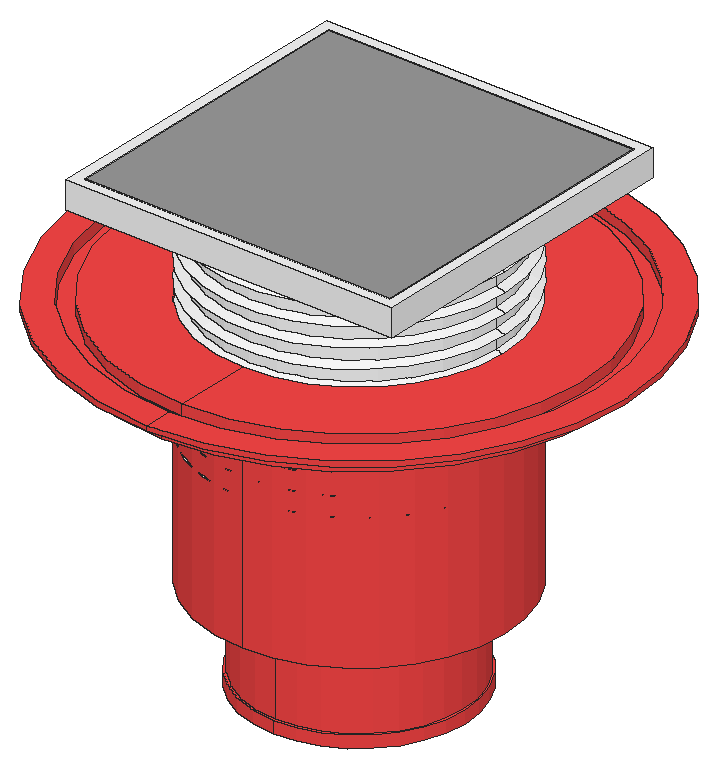
Revit family "HL Трап для внутренних помещенийHL310Prblue-SML", category Сантехнические приборы, Revit 2025
Family settings
  Размер круглого соединителя = Использовать диаметр
  Тип детали = Нормальный
  Номер OmniClass = 23.70.50.21.24.14
  Заголовок OmniClass = Deck Waste Water Drains
  На основе рабочей плоскости = Нет
  Отображать на видах в сечении = Нет
  Всегда вертикально = Да
  При загрузке вырезать с полостями = Нет
  Сохранять ориентацию аннотаций = Нет
  Общий = Да
  Точка принадлежности помещению = Да
Parameters (values of type "HL310KSML_50")
  РЕШЁТКА = "115 x 115 mm / V2A"
  РАЗМЕР = "DN50/75/110"
  ПРОПУСКНАЯ СПОСОБНОСТЬ = 0.67 L/s
  ПРОИЗВОДИТЕЛЬНОСТЬ = "0,67 l/s"
  ПРАВОВАЯ ИНФОРМАЦИЯ = "Авторские права(©), права на дизайн или какие либо другие права интелектуальной собственности являются исключительной собственностью компании HL Hutterer & Lechner. Изменению не подлежит. Файл семейства с данными о прозводителе изделия защищен паролем с водяным знаком."  # constant formula
  Нормы = "EN 1253-1"
  НОМИНАЛЬНЫЙ ДИАМЕТР [instance] = 50 mm
  НАСАДКА = "12-70 mm / 123 x 123 mm / PP"
  МАТЕРИАЛ = "PP, V2A"
  МАКСИМАЛЬНАЯ НАГРУЗКА КЛАССА = "K3 - 300 kg"
  ВЫСОТА МОНТАЖА = "163 mm"
  ВЕС = "0,72 [kg]"
  EAN = "9003076004638"
  Отметка по умолчанию = 0 mm
  Подключение к вентиляции = no
  Изготовитель = "HL Hutterer & Lechner GmbH"  # constant formula
  URL = "http://www.hutterer-lechner.com/ru/Products/catalog/floor-drains/attachments/HL310N.aspx"
  Подключение к сливной трубе = yes
  Подключение к горячей воде = no
  Описание = "Трап для внутренних помещений"
  Model = "HL310KSML_50"
  Комментарии к типоразмеру = "Корпус трапа для внутренних помещений DN50/75/110 вертикальный"
  Keynote = "HL310KSML_50"
  Высота монтажа [instance] = 136 mm
  DN_Test [instance] = if(or(НОМИНАЛЬНЫЙ ДИАМЕТР = 50 mm, НОМИНАЛЬНЫЙ ДИАМЕТР = 75 mm, НОМИНАЛЬНЫЙ ДИАМЕТР = 110 mm), 30 mm, 0 mm)  # 30 mm
  Подключение к холодной воде = no
  B [instance] = if(НОМИНАЛЬНЫЙ ДИАМЕТР = 110 mm, Высота монтажа - 41 mm, if(НОМИНАЛЬНЫЙ ДИАМЕТР = 75 mm, Высота монтажа - 5.5 mm, Высота монтажа))  # 136 mm
  A [instance] = if(B - 100 mm > 15 mm, B - 100 mm, 15 mm)  # 36 mm
Reference planes
  plane 1 "Center (Front/Back)": y = 0
  plane 2: z = 0
  plane 3 "Center (Left/Right)": x = 0
  plane 4 "Ball Joint Vertical": x = 25.45
  plane 5: z = -136
  plane 6: z = -136
Lines and regions (mm)
  model lines, style "InvisibleLines"
    curve 1: line (0, 0, 0) -> (0, 0, 975)
  reference lines
    curve 2: line (0, 0, -131.004) -> (0, 0, -136.004)
  model lines, detail levels coarse+medium
    curve 3: line (0, 0, -136) -> (0, 0, -100)
    curve 4: line (0, 0, -100) -> (100, 0, 0)
    curve 5: line (0, 0, -100) -> (-100, 0, 0)
  symbolic lines, style "InvisibleLines", not visible
    curve 6: line (0, 0, 0) -> (0, 0, -30)
  symbolic lines, detail levels coarse+medium
    curve 7: line (-75, 75, 0) -> (75, 75, 0)
    curve 8: line (-75, -75, 0) -> (-75, 75, 0)
    curve 9: line (75, -75, 0) -> (-75, -75, 0)
    curve 10: line (75, 75, 0) -> (75, -75, 0)
    curve 11: line (75, 75, 0) -> (145.711, 145.711, 0)
    curve 12: line (-75, 75, 0) -> (-145.711, 145.711, 0)
    curve 13: line (75, -75, 0) -> (145.711, -145.711, 0)
    curve 14: line (-75, -75, 0) -> (-145.711, -145.711, 0)
  symbolic lines, not visible, detail levels coarse+medium
    curve 15: line (97.767, 268.748, 0) -> (247.767, 268.748, 0)
    curve 16: line (97.767, 118.748, 0) -> (97.767, 268.748, 0)
    curve 17: line (247.767, 118.748, 0) -> (97.767, 118.748, 0)
    curve 18: line (247.767, 268.748, 0) -> (247.767, 118.748, 0)
    curve 19: line (247.767, 268.748, 0) -> (318.478, 339.459, 0)
    curve 20: line (97.767, 268.748, 0) -> (27.057, 339.459, 0)
    curve 21: line (247.767, 118.748, 0) -> (318.478, 48.037, 0)
    curve 22: line (97.767, 118.748, 0) -> (27.057, 48.037, 0)
Text (mm)
  text "FLOOR" at (-218.559, 0, -14.206), in view "вид строительства"
Dimensions and locks
  locked: plane 4 "Ball Joint Vertical" to plane 3 "Center (Left/Right)" at 25.45
  "Высота монтажа": plane 2 to plane 5
  "A": curve 5 to plane 6
  "B": curve 5 to plane 6
  "B": curve 4 to plane 6
  "B": plane 2 to plane 6
  "DN_Test": plane 2 to curve 6
  plane 2 to nested 1 = 92.986 mm
  locked: curve 4 to plane 3 "Center (Left/Right)" (angle 45.00°)
  locked: plane 3 "Center (Left/Right)" to curve 5 (angle 45.00°)
  aligned and locked: level to plane 2
  aligned and locked: plane 2 to curve 1
  aligned and locked: plane 3 "Center (Left/Right)" to curve 1
  aligned and locked: plane 3 "Center (Left/Right)" to curve 2
  aligned and locked: plane 3 "Center (Left/Right)" to curve 3
  aligned and locked: plane 3 "Center (Left/Right)" to curve 5
  aligned and locked: plane 6 to curve 3
  aligned and locked: plane 5 to nested 1
Automatic sketch dimensions
  curve 2 to plane 6 = 0.004 mm
  plane 6 to curve 2 = 4.996 mm
  level to curve 1 = 975 mm
Nested families
  nested 1: "HL-Корпус для трапа внутренних помещений-HL310KSML-50" at (0, 0, -0.017), type "HL310KSML-50"
  nested 2: "HL-Вкладыш сифона-HL0510-12E" at (0, 0, 34.304), type "HL0510.12E"
  nested 3: "HL_Насадка_HL037N.2E" at (0, 0, 44.304), type "HL037N.2E"
    with Высота монтажа 70 mm, RN 11, RL 71.5 mm, R yes, NL_Test yes, NL 90 mm
  nested 4: "HL_Решётка_HL037Pr.1E" at (0, 0, 44.304), type "HL037Pr.1E"
Connectors
  piping at (0, 0, -136.004), diameter 50, driven by "ПРОПУСКНАЯ СПОСОБНОСТЬ", driven by "НОМИНАЛЬНЫЙ ДИАМЕТР"
    settings: on curve 2, index 1, connector inside diameter 609.6 mm, connector length 0 mm, flow factor 0, pipe flow 0.67 L/s, pressure drop 0.0 Pa, fitting loss kfactor 0, connector angle 0.00°, fixture units 0, engagement length 0 mm, angle of deflection 0.00°, flow configuration 1, flow direction 2, fitting loss method 0, system type 16, joint type 0, gender type 0, connector reference index -1, connector utility 0, adjustable connector no, is connector primary yes, connector description ""
Definition of nested family "HL-Корпус для трапа внутренних помещений-HL310KSML-50"
  Parameters (values of type "HL310KSML-50")
    РАЗМЕР = "d50"
    ПРОИЗВОДИТЕЛЬНОСТЬ = ">0,5 l/s"
    ПРАВОВАЯ ИНФОРМАЦИЯ = "Авторские права(©), права на дизайн или какие либо другие права интелектуальной собственности являются исключительной собственностью компании HL Hutterer & Lechner. Изменению не подлежит. Файл семейства с данными о прозводителе изделия защищен паролем с водяным знаком."  # constant formula
    Нормы = "EN 1253"
    МАТЕРИАЛ = "PP"
    ВЫСОТА МОНТАЖА = "132 mm"
    ВЕС = "0,33 [kg]"
    Waste Connection = yes
    Default Elevation = 0 mm
    Vent Connection = no
    Manufacturer = "HL Hutterer & Lechner GmbH"  # constant formula
    URL = "https://www.hutterer-lechner.com/ru/Products/catalog/Floor-drains/vertical/flange/HL310KSML/50.aspx"
    Assembly Code = ""
    HW Connection = no
    Description = "Трап для внутренних помещений"
    Model = "HL310KSML-50"
    Type Comments = "Корпус трапа для внутренних помещений DN50/75/110 вертикальный"
    Keynote = "HL310KSML-50"
    EAN = "9003076052219"
    CW Connection = no
  Reference planes
    plane 1 "Center (Front/Back)": y = 0
    plane 2: z = 0
    plane 3 "Center (Left/Right)": x = 0
    plane 4 "Ball Joint Vertical": x = 25.45
  Forms (mm)
    Revolve 1, solid, detail levels fine
      sketch origin (0, 0, 0) x (0, 1, 0) y (0, 0, 1)
        loop
          line (54.997, 0) -> (54.997, -20) -> (52.897, -20) -> (52.897, -92.969) -> (20.821, -92.969) -> (20.821, -135.983) -> (22.621, -135.983) -> (22.621, -94.969) -> (27.121, -94.969) -> (27.121, -126.376) -> (35.181, -130.483) -> (40.181, -130.483) -> (40.181, -125.983) -> (39.197, -125.983) -> (39.197, -94.969) -> (54.997, -94.969) -> (54.997, -23.507) -> (58.197, -23.507) -> (58.197, -7.5) -> (77.9, -7.5) -> (92.9, -7.5) -> (92.9, -2) -> (100, -2) -> (100, 0) -> (89.685, 0) -> (89.685, -4) -> (83.685, -4) -> (83.685, 0) -> (54.997, 0)
        axis (0, 0) -> (0, -135.983)
      angle from 0 to 360
  Text (mm)
    text "ROOF/FLOOR" at (-198.233, 0, -26.556), in view "вид строительства"
  Dimensions and locks
    locked: plane 4 "Ball Joint Vertical" to plane 3 "Center (Left/Right)" at 25.45
    aligned and locked: level to plane 2
    aligned and locked: Revolve 1 sketch curve to plane 1 "Center (Front/Back)"
Definition of nested family "HL-Вкладыш сифона-HL0510-12E"
  Parameters (values of type "HL0510.12E")
    ПРАВОВАЯ ИНФОРМАЦИЯ = "Авторские права(©), права на дизайн или какие либо другие права интелектуальной собственности являются исключительной собственностью компании HL Hutterer & Lechner. Изменению не подлежит. Файл семейства с данными о прозводителе изделия защищен паролем с водяным знаком."  # constant formula
    МАТЕРИАЛ = "ABS"
    ВЕС = "0,141 [kg]"
    Waste Connection = yes
    Default Elevation = 0 mm
    Vent Connection = no
    Manufacturer = "HL Hutterer & Lechner GmbH"  # constant formula
    URL = "https://www.hutterer-lechner.com/ru/products/catalog/Floor-drains/HL0510.12E.aspx"
    Assembly Code = "Main Component"
    HW Connection = no
    Description = "Трап для внутренних помещений"
    Model = "HL0510.12E"
    Type Comments = "Вкладыш запахозапирающий Primus blue"
    Keynote = "HL0510.12E"
    EAN = "9003076051946"
    CW Connection = no
  Reference planes
    plane 1 "Center (Front/Back)": y = 0
    plane 2: z = 0
    plane 3 "Center (Left/Right)": x = 0
    plane 4 "Ball Joint Vertical": x = 25.45
  Forms (mm)
    Revolve 1, solid, detail levels fine
      sketch origin (0, 0, 0) x (1, 0, 0) y (0, 0, 1)
        loop
          circle (48.65, -8.59) r 2
        axis (0, -8.59) -> (0, -9.59)
      angle from 0 to 360
    Revolve 2, solid, detail levels fine
      sketch origin (0, 0, 0) x (1, 0, 0) y (0, 0, 1)
        loop
          line (53, 0) -> (44.65, 0) -> (44.65, -18.268) -> (32.15, -18.268) -> (32.15, -3.231) -> (33, -3.231) -> (33, 0) -> (0, 0) -> (0, -80) -> (41.65, -80) -> (41.65, -20.185) -> (46.763, -20.185) -> (46.763, -13.21) -> (49.702, -13.21) -> (49.702, -11.138) -> (46.65, -11.138) -> (46.65, -6.024) -> (49.7, -6.024) -> (49.7, -2) -> (53, -2) -> (53, 0)
        axis (0, 0) -> (0, -80)
      angle from 0 to 360
  Text (mm)
    text "ROOF/FLOOR" at (-198.233, 0, -26.556), in view "вид строительства"
  Dimensions and locks
    locked: plane 4 "Ball Joint Vertical" to plane 3 "Center (Left/Right)" at 25.45
    Revolve 1 sketch curve to plane 3 "Center (Left/Right)" = 48.65 mm
    Revolve 1 sketch curve to level = 8.59 mm
    Revolve 2 sketch curve to plane 3 "Center (Left/Right)" = 33 mm
    Revolve 2 sketch curve to plane 3 "Center (Left/Right)" = 32.15 mm
    plane 3 "Center (Left/Right)" to Revolve 2 sketch curve = 44.65 mm
    Revolve 2 sketch curve to plane 3 "Center (Left/Right)" = 41.65 mm
    Revolve 2 sketch curve to plane 3 "Center (Left/Right)" = 49.702 mm
    plane 3 "Center (Left/Right)" to Revolve 2 sketch curve = 46.65 mm
    Revolve 2 sketch curve to plane 3 "Center (Left/Right)" = 49.7 mm
    Revolve 2 sketch curve to plane 3 "Center (Left/Right)" = 53 mm
    aligned and locked: level to plane 2
    aligned and locked: plane 3 "Center (Left/Right)" to Revolve 1 sketch curve
    aligned and locked: plane 3 "Center (Left/Right)" to Revolve 2 sketch curve
Definition of nested family "HL_Насадка_HL037N.2E"
  Parameters
    РАЗМЕР = "d 110 mm"
    ПРАВОВАЯ ИНФОРМАЦИЯ = "Авторские права(©), права на дизайн или какие либо другие права интелектуальной собственности являются исключительной собственностью компании HL Hutterer & Lechner. Изменению не подлежит. Файл семейства с данными о прозводителе изделия защищен паролем с водяным знаком."  # constant formula
    НАСАДКА = "123x123mm"
    МАТЕРИАЛ = "PP"
    Высота монтажа [instance] = 70 mm
    ВЫСОТА МОНТАЖА = "12-70mm"
    ВЕС = "0,08 [kg]"
    Waste Connection = yes
    Default Elevation = 0 mm
    Vent Connection = no
    RD = 6.5 mm  # constant formula
    R [instance] = ((Высота монтажа - NL_Min) / RD - 1) > 2  # yes
    RL [instance] = if(Высота монтажа < 18 mm, 1 mm, RD * RN)  # 71.5 mm
    NL_Test [instance] = and(or(Высота монтажа < NL_Max, Высота монтажа = NL_Max), or(Высота монтажа > NL_Min, Высота монтажа = NL_Min))  # yes
    NL_Min = 12 mm
    NL_Max = 70 mm
    NL [instance] = if(NL_Test, Высота монтажа + 20 mm, 0 mm)  # 90 mm
    RN [instance] = if((Высота монтажа + 20 mm - NL_Min) / RD - 1 < 2, 2, (Высота монтажа + 20 mm - NL_Min) / RD - 1)  # 11
    Manufacturer = "HL Hutterer & Lechner GmbH"  # constant formula
    URL = "http://www.hutterer-lechner.com/ru/products/catalog/floor-drains/attachments/HL037pr.11e.aspx"
    HW Connection = no
    Description = "Трапы для внутренних помещений - Комплектующие"
    Model = "HL037N.2E"
    Type Comments = "HL037N.2E Насадные подрамники d 110мм/90мм/123х123мм с О-кольцом"
    Keynote = "HL037N.2E"
    EAN = "9003076015290"
    CW Connection = no
  Reference planes
    plane 1 "Center (Front/Back)": y = 0
    plane 2: z = 0
    plane 3 "Center (Left/Right)": x = 0
    plane 4 "Ball Joint Vertical": x = 25.45
    plane 5: z = -90
  Forms (mm)
    Extrusion 1, solid, detail levels fine
      sketch origin (0, 0, 0) x (1, 0, 0) y (0, 1, 0)
        loop
          line (-61.5, 61.5) -> (-61.5, -61.5) -> (61.5, -61.5) -> (61.5, 61.5) -> (-61.5, 61.5)
      from -10 to 0
    Extrusion 2, solid, detail levels fine
      sketch origin (0, 0, 0) x (1, 0, 0) y (0, 1, 0)
        loop
          circle (0, 0) r 51.744
      from -90 to -10
    Extrusion 3, void
      sketch origin (0, 0, 0) x (1, 0, 0) y (0, 1, 0)
        loop
          line (-57.5, 57.5) -> (-57.5, -57.5) -> (57.5, -57.5) -> (57.5, 57.5) -> (-57.5, 57.5)
      from 0 to -8
  Cuts and joins
    Extrusion 3 cuts Extrusion 1
  Lines and regions (mm)
    symbolic lines
      curve 1: line (0, 0, -90) -> (0, 0, 0)
    model lines
      curve 2: line (0, 0, 0) -> (0, 0, 100)
  Text (mm)
    text "ROOF/FLOOR" at (-198.233, 0, -26.556), in view "Drain Construction View"
  Dimensions and locks
    locked: plane 4 "Ball Joint Vertical" to plane 3 "Center (Left/Right)" at 25.45
    "NL": plane 2 to plane 5
    equal spacing: group 1, group 3, group 4, group 5, group 6, group 7, group 8, group 9, group 10, group 11, group 2  (x3)
    "RL": nested 2 to nested 1
    locked: nested 1 to plane 5 at 1.516
    aligned and locked: level to plane 2
    aligned and locked: plane 3 "Center (Left/Right)" to nested 1
    aligned and locked: plane 1 "Center (Front/Back)" to nested 1
    aligned and locked: plane 2 to curve 1
    aligned and locked: plane 5 to curve 1
    aligned and locked: Extrusion 2 to plane 5
  Automatic sketch dimensions
    Extrusion 1 sketch curve to plane 3 "Center (Left/Right)" = 61.5 mm
    plane 4 "Ball Joint Vertical" to Extrusion 1 sketch curve = 36.05 mm
    plane 1 "Center (Front/Back)" to Extrusion 1 sketch curve = 61.5 mm
    Extrusion 1 sketch curve to plane 1 "Center (Front/Back)" = 61.5 mm
    plane 1 "Center (Front/Back)" to Extrusion 2 sketch curve = 0 mm
    Extrusion 2 sketch curve to plane 3 "Center (Left/Right)" = 0 mm
    Extrusion 3 sketch curve to plane 3 "Center (Left/Right)" = 57.5 mm
    plane 4 "Ball Joint Vertical" to Extrusion 3 sketch curve = 32.05 mm
    plane 1 "Center (Front/Back)" to Extrusion 3 sketch curve = 57.5 mm
    Extrusion 3 sketch curve to plane 1 "Center (Front/Back)" = 57.5 mm
    curve 2 to plane 3 "Center (Left/Right)" = 0 mm
    level to curve 2 = 100 mm
    radius of Extrusion 2 sketch curve = 51.744 mm
  Nested families
    nested 1: "Ring" at (0, 0, -88.484), visible <- "R", type "Ring"
    nested 2: "Ring" at (0, 0, -16.984), visible <- "R", type "Ring"
    nested 3: "Ring" at (0, 0, -81.334), visible <- "R", type "Ring"
    nested 4: "Ring" at (0, 0, -74.184), visible <- "R", type "Ring"
    nested 5: "Ring" at (0, 0, -67.034), visible <- "R", type "Ring"
    nested 6: "Ring" at (0, 0, -59.884), visible <- "R", type "Ring"
    nested 7: "Ring" at (0, 0, -52.734), visible <- "R", type "Ring"
    nested 8: "Ring" at (0, 0, -45.584), visible <- "R", type "Ring"
    nested 9: "Ring" at (0, 0, -38.434), visible <- "R", type "Ring"
    nested 10: "Ring" at (0, 0, -31.284), visible <- "R", type "Ring"
    nested 11: "Ring" at (0, 0, -24.134), visible <- "R", type "Ring"
  Definition of nested family "Ring"
    Parameters (values of type "Ring")
      Manufacturer = ""
      Default Elevation = 0 mm
      URL = ""
      R = D / 2  # 51.5 mm
      Description = ""
      Model = ""
      Material = none
      Type Comments = ""
      D = 103 mm
      Cost = 0
    Reference planes
      plane 1 "Střed (vpředu/vzadu)": y = 0
      plane 2: z = 0
      plane 3 "Střed (vlevo/vpravo)": x = 0
    Forms (mm)
      Revolve 1, solid, material <- "Material", detail levels fine
        sketch origin (0, 0, 0) x (1, 0, 0) y (0, 0, 1)
          loop
            line (-51.5, 1.482) -> (-54.764, 0) -> (-51.5, -1.516) -> (-51.5, 1.482)
          axis (0, 1.482) -> (0, -1.516)
        angle from 0 to 360
    Dimensions and locks
      "R": Revolve 1 sketch curve to plane 3 "Střed (vlevo/vpravo)"
      aligned and locked: level to plane 2
      aligned and locked: Revolve 1 sketch curve to plane 3 "Střed (vlevo/vpravo)"
    Automatic sketch dimensions
      Revolve 1 sketch curve to level = 0 mm
      Revolve 1 sketch curve to Revolve 1 sketch curve = 3.264 mm
      Revolve 1 sketch curve to level = 1.516 mm
      level to Revolve 1 sketch curve = 1.482 mm
      Revolve 1 sketch curve to level = 381 mm
      Revolve 1 sketch curve to Revolve 1 sketch curve = 2212.833 mm
Definition of nested family "HL_Решётка_HL037Pr.1E"
  Parameters (values of type "HL037Pr.1E")
    РАЗМЕР = "115x115mm"
    ПРАВОВАЯ ИНФОРМАЦИЯ = "Авторские права(©), права на дизайн или какие либо другие права интелектуальной собственности являются исключительной собственностью компании HL Hutterer & Lechner. Изменению не подлежит. Файл семейства с данными о прозводителе изделия защищен паролем с водяным знаком."  # constant formula
    МАТЕРИАЛ = "V2A"
    МАКСИМАЛЬНАЯ НАГРУЗКА КЛАССА = "K3 - 300 kg"
    ВЕС = "0,15 [kg]"
    Waste Connection = yes
    Default Elevation = 0 mm
    Vent Connection = no
    Manufacturer = "HL Hutterer & Lechner GmbH"  # constant formula
    URL = "http://www.hutterer-lechner.com/ru/products/catalog/floor-drains/attachments/HL037pr.1e.aspx"
    HW Connection = no
    Description = "Трапы для внутренних помещений - Комплектующие"
    Model = "HL037Pr.1E"
    Type Comments = "HL037Pr.1E Решётка из нержавеющей стали 115х115 мм"
    Keynote = "HL037Pr.1E"
    EAN = "9003076028474"
    CW Connection = no
  Reference planes
    plane 1 "Center (Front/Back)": y = 0
    plane 2: z = 0
    plane 3 "Center (Left/Right)": x = 0
    plane 4 "Ball Joint Vertical": x = 25.45
  Forms (mm)
    Extrusion 1, solid, detail levels fine
      sketch origin (0, 0, 0) x (1, 0, 0) y (0, 1, 0)
        loop
          line (57.5, 57.5) -> (-57.5, 57.5) -> (-57.5, -57.5) -> (57.5, -57.5) -> (57.5, 57.5)
      from 0 to -5
  Lines and regions (mm)
    model lines, detail levels fine
      curve 1: spline (-13.927, 0, 0) -> (-13.452, 1.165, 0) -> (-12.061, 2.25, 0) -> (-9.848, 3.182, 0) -> (-6.964, 3.897, 0) -> (-3.605, 4.347, 0) -> (0, 4.5, 0) -> (3.605, 4.347, 0) -> (6.964, 3.897, 0) -> (9.848, 3.182, 0) -> (12.061, 2.25, 0) -> (13.452, 1.165, 0) -> (13.927, 0, 0) -> (13.452, -1.165, 0) -> (12.061, -2.25, 0) -> (9.848, -3.182, 0) -> (6.964, -3.897, 0) -> (3.605, -4.347, 0) -> (0, -4.5, 0) -> (-3.605, -4.347, 0) -> (-6.964, -3.897, 0) -> (-9.848, -3.182, 0) -> (-12.061, -2.25, 0) -> (-13.452, -1.165, 0) -> (-13.927, 0, 0)
      curve 2: line (-5.9, 0.4, 0) -> (-11.9, 0.4, 0)
      curve 3: line (-3.65, -2, 0) -> (-3.65, 2, 0)
      curve 4: arc (-3.65, 2, 0) -> (-3.15, 2.5, 0) -> (-2.65, 2, 0) r 0.5
      curve 5: line (-2.65, 2, 0) -> (-2.65, 0.5, 0)
      curve 6: line (-2.65, 0.5, 0) -> (-0.65, 0.5, 0)
      curve 7: line (-0.65, 0.5, 0) -> (-0.65, 2, 0)
      curve 8: arc (-0.65, 2, 0) -> (-0.15, 2.5, 0) -> (0.35, 2, 0) r 0.5
      curve 9: line (0.35, 2, 0) -> (0.35, -2, 0)
      curve 10: arc (0.35, -2, 0) -> (-0.15, -2.5, 0) -> (-0.65, -2, 0) r 0.5
      curve 11: line (-0.65, -2, 0) -> (-0.65, -0.5, 0)
      curve 12: line (-0.65, -0.5, 0) -> (-2.65, -0.5, 0)
      curve 13: line (-2.65, -0.5, 0) -> (-2.65, -2, 0)
      curve 14: arc (-2.65, -2, 0) -> (-3.15, -2.5, 0) -> (-3.65, -2, 0) r 0.5
      curve 15: line (1.85, -2, 0) -> (1.85, 2, 0)
      curve 16: arc (1.85, 2, 0) -> (1.996, 2.354, 0) -> (2.35, 2.5, 0) r 0.5
      curve 17: arc (2.35, 2.5, 0) -> (2.704, 2.354, 0) -> (2.85, 2, 0) r 0.5
      curve 18: line (2.85, 2, 0) -> (2.85, -1, 0)
      curve 19: arc (2.85, -1, 0) -> (2.996, -1.354, 0) -> (3.35, -1.5, 0) r 0.5
      curve 20: line (3.35, -1.5, 0) -> (4.35, -1.5, 0)
      curve 21: arc (4.35, -1.5, 0) -> (4.85, -2, 0) -> (4.35, -2.5, 0) r 0.5
      curve 22: line (4.35, -2.5, 0) -> (2.35, -2.5, 0)
      curve 23: arc (2.35, -2.5, 0) -> (1.996, -2.354, 0) -> (1.85, -2, 0) r 0.5
      curve 24: line (12.1, 0.4, 0) -> (6.1, 0.4, 0)
      curve 25: line (-5.9, -0.4, 0) -> (-11.9, -0.4, 0)
      curve 26: line (12.1, -0.4, 0) -> (6.1, -0.4, 0)
      curve 27: line (-5.9, 0.4, 0) -> (-5.9, -0.4, 0)
      curve 28: line (-11.9, 0.4, 0) -> (-11.9, -0.4, 0)
      curve 29: line (6.1, 0.4, 0) -> (6.1, -0.4, 0)
      curve 30: line (12.1, 0.4, 0) -> (12.1, -0.4, 0)
      curve 31: arc (38.029, -24.059, 0) -> (45, 0, 0) -> (38.029, 24.059, 0) r 45
      curve 32: arc (38.029, 24.059, 0) -> (35.09, 25.896, 0) -> (31.82, 24.749, 0) r 4
      curve 33: arc (31.82, 24.749, 0) -> (30.673, 22.362, 0) -> (31.268, 19.782, 0) r 4
      curve 34: arc (31.268, 19.782, 0) -> (37, 0, 0) -> (31.268, -19.782, 0) r 37
      curve 35: arc (31.268, -19.782, 0) -> (30.673, -22.362, 0) -> (31.82, -24.749, 0) r 4
      curve 36: arc (31.82, -24.749, 0) -> (35.09, -25.896, 0) -> (38.029, -24.059, 0) r 4
      curve 37: arc (24.059, 38.029, 0) -> (0, 45, 0) -> (-24.059, 38.029, 0) r 45
      curve 38: arc (-24.059, 38.029, 0) -> (-25.896, 35.09, 0) -> (-24.749, 31.82, 0) r 4
      curve 39: arc (-24.749, 31.82, 0) -> (-22.362, 30.673, 0) -> (-19.782, 31.268, 0) r 4
      curve 40: arc (-19.782, 31.268, 0) -> (0, 37, 0) -> (19.782, 31.268, 0) r 37
      curve 41: arc (19.782, 31.268, 0) -> (22.362, 30.673, 0) -> (24.749, 31.82, 0) r 4
      curve 42: arc (24.749, 31.82, 0) -> (25.896, 35.09, 0) -> (24.059, 38.029, 0) r 4
      curve 43: arc (24.059, -38.029, 0) -> (0, -45, 0) -> (-24.059, -38.029, 0) r 45
      curve 44: arc (-24.059, -38.029, 0) -> (-25.896, -35.09, 0) -> (-24.749, -31.82, 0) r 4
      curve 45: arc (-24.749, -31.82, 0) -> (-22.362, -30.673, 0) -> (-19.782, -31.268, 0) r 4
      curve 46: arc (-19.782, -31.268, 0) -> (0, -37, 0) -> (19.782, -31.268, 0) r 37
      curve 47: arc (19.782, -31.268, 0) -> (22.362, -30.673, 0) -> (24.749, -31.82, 0) r 4
      curve 48: arc (24.749, -31.82, 0) -> (25.896, -35.09, 0) -> (24.059, -38.029, 0) r 4
      curve 49: arc (-38.029, -24.059, 0) -> (-45, 0, 0) -> (-38.029, 24.059, 0) r 45
      curve 50: arc (-38.029, 24.059, 0) -> (-35.09, 25.896, 0) -> (-31.82, 24.749, 0) r 4
      curve 51: arc (-31.82, 24.749, 0) -> (-30.673, 22.362, 0) -> (-31.268, 19.782, 0) r 4
      curve 52: arc (-31.268, 19.782, 0) -> (-37, 0, 0) -> (-31.268, -19.782, 0) r 37
      curve 53: arc (-31.268, -19.782, 0) -> (-30.673, -22.362, 0) -> (-31.82, -24.749, 0) r 4
      curve 54: arc (-31.82, -24.749, 0) -> (-35.09, -25.896, 0) -> (-38.029, -24.059, 0) r 4
    model lines
      curve 55: line (0, 0, 0) -> (0, 0, 100)
  Text (mm)
    text "ROOF/FLOOR" at (-198.233, 0, -26.556), in view "Drain Construction View"
  Dimensions and locks
    locked: plane 4 "Ball Joint Vertical" to plane 3 "Center (Left/Right)" at 25.45
    aligned and locked: level to plane 2
